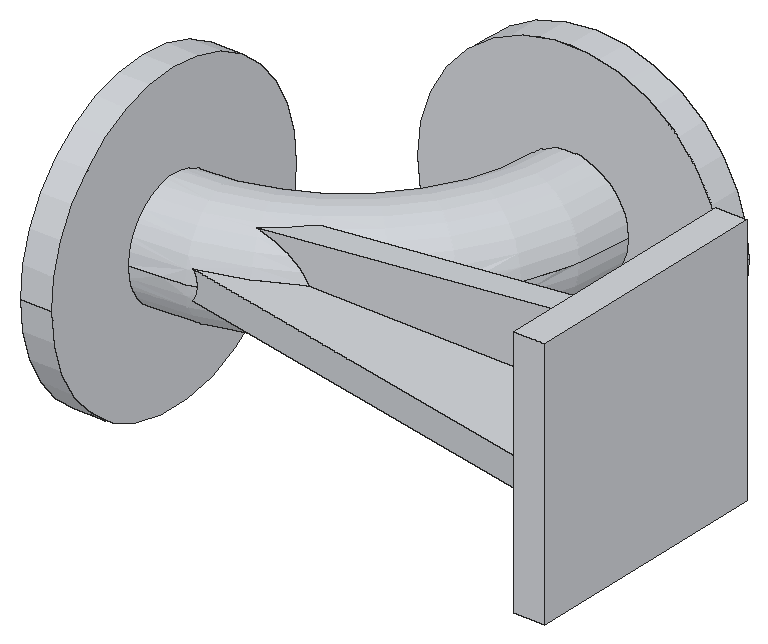
Revit family "M_Base quadrada de cotovelo - Flange - GI - Classe 125", category Conexões de tubo, Revit 2019
Family settings
  Cota do conector redondo = Usar raio
  Tipo de parte = Cotovelo
  Número OmniClass = 23.60.30.11.14
  Título OmniClass = Pipework Fittings
  ID de item do Seek = Elbow Square Base - Flanged - GI - Class 125-0000-CAN-ENU
  Com base no plano de trabalho = Não
  Sempre na vertical = Sim
  Corte com vazios quando carregada = Não
  Compartilhado = Não
Parameters (values of type "Padrão")
  Espessura da parede [instance] = size_lookup(Nome da tabela de pesquisa, "WThk", 0.04 * Diâmetro nominal + 7.938 mm, Diâmetro nominal)  # 7.9 mm
  Tamanho da marca de revisão [instance] = Diâmetro da flange * 0.4  # 43.2 mm
  Método de perda = Coeficiente K da tabela
  Nome da tabela de pesquisa = "M_Elbow Square Base - Flanged - GI - Class 125"
  Comprimento 6 [instance] = Centro à face * sin(Ângulo)  # 89 mm
  Comprimento 5 [instance] = Centro à face * cos(Ângulo) + Centro à face  # 89 mm
  Comprimento 4 [instance] = Largura de base quadrada / 2  # 44.5 mm
  Largura de base quadrada [instance] = size_lookup(Nome da tabela de pesquisa, "SBW", 0.49 * Diâmetro nominal + 96.341 mm, Diâmetro nominal)  # 89 mm
  Espessura das nervuras [instance] = size_lookup(Nome da tabela de pesquisa, "RThk", 0.04 * Diâmetro nominal + 10.815 mm, Diâmetro nominal)  # 10 mm
  Comprimento 3 [instance] = sqrt(2 * Espessura das nervuras * Raio do centro - Espessura das nervuras * Espessura das nervuras)  # 38.184 mm
  Comprimento 2 [instance] = if(Comprimento 4 * 0.3 < Raio externo da conexão * 0.8, Comprimento 4 * 0.3, Raio externo da conexão * 0.8)  # 13.35 mm
  Tabela de coeficiente K = "Cotovelo regular flangeado 90 e 180"
  Raio externo da conexão [instance] = Diâmetro externo da conexão / 2  # 20.4 mm
  Diâmetro externo da conexão [instance] = Diâmetro interno da conexão + Espessura da parede * 2  # 40.8 mm
  Comprimento 1 [instance] = (Raio externo da conexão + 0.794 mm) * tan(Ângulo / 2) + Espessura do flange  # 32.294 mm
  Raio nominal [instance] = 12.5 mm
  Diâmetro nominal [instance] = Raio nominal * 2  # 25 mm
  Diâmetro interno da conexão [instance] = size_lookup(Nome da tabela de pesquisa, "FID", 1.02 * Diâmetro nominal - 1.091 mm, Diâmetro nominal)  # 25 mm
  Centro à face 1 [instance] = size_lookup(Nome da tabela de pesquisa, "CtF1", 0.68 * Diâmetro nominal + 95.647 mm, Diâmetro nominal)  # 89 mm
  Centro à face 2 [instance] = size_lookup(Nome da tabela de pesquisa, "CtF2", 0.46 * Diâmetro nominal + 40.481 mm, Diâmetro nominal)  # 45 mm
  Centro à face [instance] = if(and(Ângulo > 0.00°, (not(Ângulo > 45.00°))), if(Centro à face 2 > Raio externo da conexão * tan(Ângulo / 2) + Espessura do flange, Centro à face 2, Comprimento 1), if(Centro à face 1 > Raio externo da conexão * tan(Ângulo / 2) + Espessura do flange, Centro à face 1, Comprimento 1))  # 89 mm
  Centro à base [instance] = size_lookup(Nome da tabela de pesquisa, "CtB", 0.68 * Diâmetro nominal + 73.025 mm, Diâmetro nominal)  # 89 mm
  Raio do centro [instance] = (Centro à face - Espessura do flange) / tan(Ângulo / 2)  # 77.9 mm
  Espessura do flange [instance] = size_lookup(Nome da tabela de pesquisa, "FThk", 0.05 * Diâmetro nominal + 15.974 mm, Diâmetro nominal)  # 11.1 mm
  Raio da flange [instance] = Diâmetro da flange / 2  # 54 mm
  Diâmetro da flange [instance] = size_lookup(Nome da tabela de pesquisa, "FDia", 1.19 * Diâmetro nominal + 100.806 mm, Diâmetro nominal)  # 108 mm
  Espessura base [instance] = size_lookup(Nome da tabela de pesquisa, "BThk", 0.036 * Diâmetro nominal + 11.906 mm, Diâmetro nominal)  # 11 mm
  Assembly Code = ""
  Ângulo [instance] = 90.00°
Reference planes
  plane 1 "Centro (Frente/Trás)": y = 0
  plane 2: z = 0
  plane 3 "Centro (Esquerda/Direita)": x = 0
  plane 4: x = -77.9
  plane 5: x = -89
  plane 6: y = 77.9
  plane 7: y = 43.2
  plane 8: y = -43.2
  plane 9: x = 78
  plane 10: x = 89
  plane 11: z = 5
  plane 12: z = -5
  plane 13: y = -5
  plane 14: y = 5
  plane 15: x = -39.716
  plane 16: y = 10
  plane 17: x = 0
  plane 18: y = 89
Forms (mm)
  Sweep 1, solid, detail levels fine
    path in 3D
      loop
        arc (-77.9, 0, 0) -> (-22.816, 22.816, 0) -> (0, 77.9, 0) r 77.9
    profile origin (-22.816, 22.816, 0) x (-0.707107, 0.707107, 0) y (0, 0, 1)
      loop
        circle (0, 0) r 20.4
  Sweep 2, solid, detail levels fine
    path in 3D
      loop
        line (-89, 0, 0) -> (-77.9, 0, 0)
    profile origin (-83.45, 0, 0) x (0, 1, 0) y (0, 0, 1)
      loop
        circle (0, 0) r 54
  Sweep 3, solid, detail levels fine
    path in 3D
      loop
        line (0, 77.9, 0) -> (0, 89, 0)
    profile origin (0, 83.45, 0) x (-1, 0, 0) y (0, 0, 1)
      loop
        circle (0, 0) r 54
  Extrusion 4, solid, detail levels fine
    sketch origin (0, 0, 0) x (0, 1, 0) y (0, 0, 1)
      loop
        line (-44.5, 44.5) -> (-44.5, -44.5) -> (44.5, -44.5) -> (44.5, 44.5) -> (-44.5, 44.5)
    from 78 to 89
  Extrusion 5, solid, detail levels fine
    sketch origin (0, 0, 0) x (1, 0, 0) y (0, 1, 0)
      loop
        line (-77.9, 13.35) -> (-77.9, -13.35) -> (78, -44.5) -> (78, 44.5) -> (-77.9, 13.35)
    from -5 to 5
  Extrusion 6, solid, detail levels fine
    sketch origin (0, 0, 0) x (1, 0, 0) y (0, 0, 1)
      loop
        line (-77.9, 13.35) -> (-77.9, -13.35) -> (78, -29.768) -> (78, 29.768) -> (-77.9, 13.35)
    from -5 to 5
Cuts and joins
  joined: Sweep 1, Sweep 2, Sweep 3, Extrusion 4, Extrusion 5, Extrusion 6
Lines and regions (mm)
  model lines, detail levels coarse+medium
    curve 1: line (-89, 0, 0) -> (-77.9, 0, 0)
    curve 2: arc (-77.9, 0, 0) -> (-22.816, 22.816, 0) -> (0, 77.9, 0) r 77.9
    curve 3: line (0, 77.9, 0) -> (0, 89, 0)
    curve 8: line (-89, 0, 0) -> (-89, 43.2, 0)
    curve 9: line (-89, 0, 0) -> (-89, -43.2, 0)
    curve 10: line (0, 89, 0) -> (-43.2, 89, 0)
    curve 11: line (0, 89, 0) -> (43.2, 89, 0)
    curve 12: line (-77.9, 0, 0) -> (89, 0, 0)
    curve 14: line (-39.716, 10, 0) -> (89, 10, 0)
  sketch lines
    curve 4: arc (-77.9, 0, 0) -> (-22.816, 22.816, 0) -> (0, 77.9, 0) r 77.9
    curve 5: line (-89, 0, 0) -> (-77.9, 0, 0)
    curve 6: line (0, 77.9, 0) -> (0, 89, 0)
  reference lines
    curve 7: line (-89, 0, 0) -> (-77.9, 0, 0)
    curve 13: line (0, 89, 0) -> (0, 77.9, 0)
Dimensions and locks
  "Raio do centro": plane 6 to plane 1 "Centro (Frente/Trás)"
  "Espessura do flange": plane 5 to plane 4
  "Tamanho da marca de revisão": plane 7 to plane 1 "Centro (Frente/Trás)"
  "Tamanho da marca de revisão": plane 8 to plane 1 "Centro (Frente/Trás)"
  "Espessura do flange": curve 3 to curve 3
  "Tamanho da marca de revisão": curve 10 to curve 10
  "Tamanho da marca de revisão": curve 11 to curve 11
  "Centro à face": plane 5 to plane 3 "Centro (Esquerda/Direita)"
  "Centro à base": plane 3 "Centro (Esquerda/Direita)" to plane 10
  "Espessura base": plane 9 to plane 10
  equal spacing: Extrusion 5 sketch curve, plane 1 "Centro (Frente/Trás)", Extrusion 5 sketch curve  (x2)
  "Largura de base quadrada": Extrusion 5 sketch curve to Extrusion 5 sketch curve
  "Comprimento 2": plane 1 "Centro (Frente/Trás)" to Extrusion 5 sketch curve
  equal spacing: plane 11, plane 2, plane 12
  "Espessura das nervuras": plane 11 to plane 12
  equal spacing: Extrusion 6 sketch curve, plane 2, Extrusion 6 sketch curve  (x2)
  "Comprimento 2": Extrusion 6 sketch curve to plane 2
  equal spacing: plane 13, plane 1 "Centro (Frente/Trás)", plane 14
  "Espessura das nervuras": plane 13 to plane 14
  "Comprimento 3": plane 4 to plane 15
  "Espessura das nervuras": plane 1 "Centro (Frente/Trás)" to plane 16
  equal spacing: Extrusion 4 sketch curve, plane 1 "Centro (Frente/Trás)", Extrusion 4 sketch curve
  "Largura de base quadrada": Extrusion 4 sketch curve to Extrusion 4 sketch curve  (x2)
  equal spacing: Extrusion 4 sketch curve, plane 2, Extrusion 4 sketch curve
  "Comprimento 5": plane 5 to plane 17
  "Comprimento 6": plane 18 to plane 1 "Centro (Frente/Trás)"
  "Raio do centro": radius of curve 2
  "Raio externo da conexão": radius of Sweep 1 sketch curve
  "Raio da flange": radius of Sweep 2 sketch curve
  "Raio da flange": radius of Sweep 3 sketch curve
  "Ângulo": angle curve 2 to curve 2
  "Ângulo": angle plane 1 "Centro (Frente/Trás)" to curve 3
  locked: curve 11 to curve 3 (angle 90.00°)
  locked: curve 3 to curve 10 (angle 90.00°)
  "Ângulo": angle plane 18 to curve 13
  aligned and locked: plane 5 to curve 7
  aligned and locked: plane 1 "Centro (Frente/Trás)" to curve 7
  aligned and locked: plane 7 to curve 8
  aligned and locked: plane 1 "Centro (Frente/Trás)" to curve 9
  aligned and locked: plane 8 to curve 9
  aligned and locked: curve 9 to plane 5
  aligned and locked: Extrusion 4 to plane 9
  aligned and locked: plane 10 to Extrusion 4
  aligned and locked: plane 9 to Extrusion 5 sketch curve
  aligned and locked: Extrusion 5 to plane 12
  aligned and locked: plane 11 to Extrusion 5
  aligned and locked: plane 9 to Extrusion 6 sketch curve
  aligned and locked: Extrusion 6 to plane 13
  aligned and locked: plane 14 to Extrusion 6
  aligned and locked: plane 4 to curve 12
  aligned and locked: plane 10 to curve 12
  aligned and locked: plane 1 "Centro (Frente/Trás)" to curve 12
  aligned and locked: plane 17 to curve 13
  aligned and locked: plane 18 to curve 13
  aligned and locked: plane 15 to curve 14
  aligned and locked: plane 10 to curve 14
  aligned and locked: curve 14 to plane 16
Automatic sketch dimensions
  Sweep 1 sketch curve to profile plane = 0 mm  (x2)
  Sweep 2 sketch curve to profile plane = 0 mm  (x2)
  Sweep 3 sketch curve to profile plane = 0 mm  (x2)
  Extrusion 6 sketch curve to plane 12 = 24.768 mm
  curve 7 to plane 4 = 0 mm
  Extrusion 5 sketch curve to plane 4 = 0 mm
  Extrusion 6 sketch curve to plane 4 = 0 mm
Connectors
  piping at (-89, 0, 0), diameter 25, driven by "Raio nominal", driven by "Ângulo"
    settings: on cut or joined group of Sweep 1, Sweep 2, Sweep 3, Extrusion 4, Extrusion 5, Extrusion 6, index 1, connector inside diameter 25 mm, connector length 0 mm, flow factor 0, pipe flow 0.0 L/s, pressure drop 0.0 Pa, fitting loss kfactor 0, connector angle 90.00°, fixture units 0, engagement length 0 mm, angle of deflection 0.00°, flow configuration 0, flow direction 0, fitting loss method 0, system type 28, joint type 0, gender type 0, connector reference index 2, connector utility 0, adjustable connector no, is connector primary yes, connector description ""
  piping at (0, 89, 0), diameter 25, driven by "Raio nominal", driven by "Ângulo"
    settings: on cut or joined group of Sweep 1, Sweep 2, Sweep 3, Extrusion 4, Extrusion 5, Extrusion 6, index 2, connector inside diameter 25 mm, connector length 0 mm, flow factor 0, pipe flow 0.0 L/s, pressure drop 0.0 Pa, fitting loss kfactor 0, connector angle 90.00°, fixture units 0, engagement length 0 mm, angle of deflection 0.00°, flow configuration 0, flow direction 0, fitting loss method 0, system type 28, joint type 0, gender type 0, connector reference index 1, connector utility 0, adjustable connector no, is connector primary no, connector description ""
